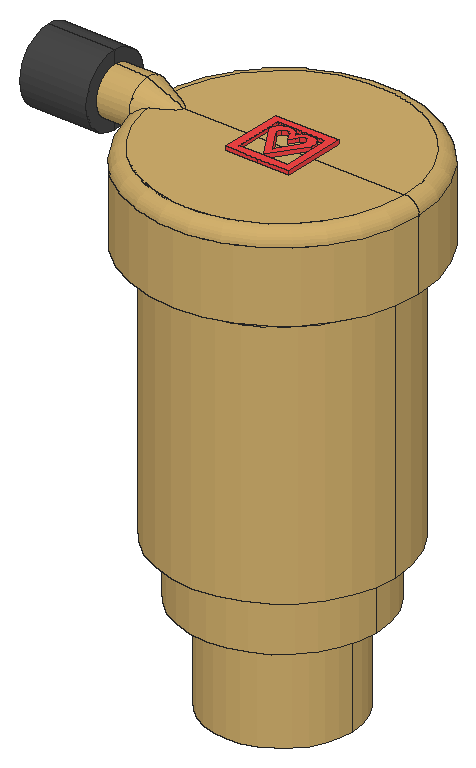
Revit family "Automatic air vents 2630 03", category Rohrzubehör, Revit 2019
Family settings
  Bemaßung runder Anschluss = Durchmesser verwenden
  Teiletyp = Normal
  OmniClass-Nummer = 23.65.55.14
  OmniClass-Titel = Valves for Liquid Services
  Arbeitsebenenbasiert = Nein
  Immer vertikal = Ja
  Beim Laden mit Abzugskörper schneiden = Nein
  Gemeinsam genutzt = Nein
Parameters
  URL = "www.herzvalves.com"
  Part number [instance] = if(Nennweite AG = 20.000 mm, 1263003, 0)  # 1263003
  Float ball = "polypropylene"  # constant formula
  SCRNSEQ = "AWI;AWI_TYP=\"1013\";1"
  SCRNCODE = "05;14;01"  # constant formula
  S04 = 11.000 mm  # constant formula
  S03 = 24.500 mm  # constant formula
  S02 = 12.500 mm  # constant formula
  S01 = 59.000 mm  # constant formula
  R01 = 2.000 mm  # constant formula
  Nennweite AG [instance] = 20.000 mm  # constant formula
  min. Operating temperature = 0 °C  # constant formula
  Medium = "heating water quality according to ÖNORM H5195 or VDI-Standard 2035.\r\nthe use of ethylene or propylene glycol in a mixing ratio 25-50% is allowed.\r\nplease refer to manufacturers documentation when using ethylene glycol products for frost and corrosion protection.\r\nthe HERZ air vent is not suitable for usage of aggressive medium (such as: acids, alkalis, combustible and explosive gases..) because it can damage the sealing components."
  max. Structual pressure = 1200000.0 Pa  # constant formula
  max. Operating temperature = 110 °C  # constant formula
  max. Operating pressure = 800000.0 Pa  # constant formula
  L04 = L00 - L01  # 24.000 mm
  L03 = 13.500 mm  # constant formula
  L02 = 4.800 mm  # constant formula
  L01 = 9.500 mm  # constant formula
  L00 = 33.500 mm  # constant formula
  Hersteller = "Herz-Armaturen GmbH"  # constant formula
  H08 = 8.000 mm  # constant formula
  H07 = 22.000 mm  # constant formula
  H06 = 14.000 mm  # constant formula
  H05 = 59.000 mm - 1.000 mm  # 58.000 mm
  H04 = H03 - D03  # 57.900 mm
  H03 = 63.000 mm  # constant formula
  H02 = 9.500 mm  # constant formula
  H01 = 12.000 mm  # constant formula
  H00 = 71.500 mm  # constant formula
  Housing = "forged brass acc. to EN 12165, CW617N "  # constant formula
  G2 [instance] = Nennweite AG / 2  # 10.000 mm
  G1 = 5.000 mm  # constant formula
  Sealing = "NBR"  # constant formula
  Lid = "forged brass acc. to EN 12165, CW617N "  # constant formula
  D06 = 13.500 mm  # constant formula
  D05 = 0.800 mm  # constant formula
  D04 = 3.400 mm  # constant formula
  D03 = 5.100 mm  # constant formula
  D02 = 19.500 mm  # constant formula
  D01 = 16.200 mm  # constant formula
  External threaded connectors = "acc. to ISO 228"  # constant formula
  Field of application = "HERZ - Air vent is used for venting of the central heating installations.\r\nthe air vent should be placed nearby the boiler or at the highest points of installation.\r\ninstallations must be carried out in such a way that the retention of air bubbles in a certain part of installation is not possible.\r\nbefore usage, unscrew the polypropylene cover cap on the lid for 2 to 3 turns.\r\nin case of uncontrolled medium leakage, tighten the cover cap.\r\nthe air vent must be cleaned or replaced.\r\nwe always recommend to use backflow preventer for easy service and replacement of the air vent."
  Adapter housing = "machined brass acc. to EN 12165, CW617N "  # constant formula
  Cover cap = "polypropylene, black colour"  # constant formula
Reference planes
  plane 1 "Mitte (Vorne/hinten)": y = 0
  plane 2: z = 0
  plane 3 "Mitte (Links/rechts)": x = 0
Forms (mm)
  Revolve 1, solid, material "Messing", detail levels fine
    sketch origin (0, 0, 0) x (1, 0, 0) y (0, 0, 1)
      loop
        line (0, -12.5) -> (0, 59) -> (-17.5, 59)
        arc (-17.5, 59) -> (-18.914, 58.414) -> (-19.5, 57) r 2
        line (-19.5, 57) -> (-19.5, 47) -> (-18.2, 47)
        arc (-18.2, 47) -> (-16.786, 46.414) -> (-16.2, 45) r 2
        line (-16.2, 45) -> (-16.2, 9.5) -> (-13.5, 9.5) -> (-13.5, 1.5) -> (-10, 1.5) -> (-10, -12.5) -> (0, -12.5)
      axis (0, 59) -> (0, -12.5)
    angle from 0 to 360
  Revolve 2, solid, material "Kunststoff - schwarz", detail levels fine
    sketch origin (0, 0, 0) x (1, 0, 0) y (0, 0, 1)
      loop
        line (-33.5, 57.9) -> (-24, 57.9) -> (-24, 63) -> (-33.5, 63) -> (-33.5, 57.9)
      axis (-33.5, 57.9) -> (-24, 57.9)
    angle from 0 to 360
  Revolve 3, solid, material "Messing", detail levels fine
    sketch origin (0, 0, 0) x (1, 0, 0) y (0, 0, 1)
      loop
        line (-24, 57.9) -> (0, 57.9) -> (0, 58.7) -> (-13.5, 58.7) -> (-19.2, 61.3) -> (-24, 61.3) -> (-24, 57.9)
      axis (-24, 57.9) -> (0, 57.9)
    angle from 0 to 360
Lines and regions (mm)
  model lines
    curve 1: line (0, 19.55, 0) -> (0, 0, 0)
  model lines, detail levels coarse+medium
    curve 2: line (0, 59, 0) -> (-11.455, 47.545, 0)
    curve 3: line (0, 59, 0) -> (11.455, 47.545, 0)
    curve 4: circle (0, 34.5, 0) r 11 normal (0, 0, 1)
    curve 5: line (0, 10, 0) -> (-11.455, 21.455, 0)
    curve 6: line (0, 10, 0) -> (11.455, 21.455, 0)
    curve 7: line (0, 59, 0) -> (0, 45.5, 0)
    curve 8: line (0, 23.5, 0) -> (0, -12.5, 0)
    curve 9: line (0, 0, 59) -> (-11.455, 0, 47.545)
    curve 10: line (0, 0, 59) -> (11.455, 0, 47.545)
    curve 11: circle (0, 0, 34.5) r 11 normal (0, -1, 0)
    curve 12: line (0, 0, 10) -> (-11.455, 0, 21.455)
    curve 13: line (0, 0, 10) -> (11.455, 0, 21.455)
    curve 14: line (0, 0, 59) -> (0, 0, 45.5)
    curve 15: line (0, 0, 23.5) -> (0, 0, -12.5)
    curve 16: line (0, 0, 59) -> (0, -11.455, 47.545)
    curve 17: line (0, 0, 59) -> (0, 11.455, 47.545)
    curve 18: circle (0, 0, 34.5) r 11 normal (1, 0, 0)
    curve 19: line (0, 0, 10) -> (0, -11.455, 21.455)
    curve 20: line (0, 0, 10) -> (0, 11.455, 21.455)
Dimensions and locks
  "D01": Revolve 1 sketch curve to Revolve 1 sketch curve
  "D02": Revolve 1 sketch curve to Revolve 1 sketch curve
  "H01": Revolve 1 sketch curve to Revolve 1 sketch curve
  "D03": Revolve 2 sketch curve to Revolve 2 sketch curve
  "L01": Revolve 2 sketch curve to Revolve 2 sketch curve
  "L00": Revolve 2 sketch curve to plane 3 "Mitte (Links/rechts)"
  "D04": Revolve 3 sketch curve to Revolve 3 sketch curve
  "L02": Revolve 3 sketch curve to Revolve 3 sketch curve
  "L03": Revolve 3 sketch curve to plane 3 "Mitte (Links/rechts)"
  "L04": Revolve 3 sketch curve to plane 3 "Mitte (Links/rechts)"
  "D05": Revolve 3 sketch curve to Revolve 3 sketch curve
  "H03": Revolve 2 sketch curve to plane 2
  "H04": Revolve 3 sketch curve to plane 2
  "H06": Revolve 1 sketch curve to Revolve 1 sketch curve
  "G2": Revolve 1 sketch curve to Revolve 1 sketch curve
  "H08": Revolve 1 sketch curve to Revolve 1 sketch curve
  "H00": Revolve 1 sketch curve to Revolve 1 sketch curve
  "S01": plane 1 "Mitte (Vorne/hinten)" to curve 7
  "S02": curve 8 to plane 1 "Mitte (Vorne/hinten)"
  "S03": curve 7 to curve 4 to curve 6
  "D01": curve 2 to curve 2
  "D01": curve 3 to curve 3
  "D01": curve 5 to curve 5
  "D01": curve 6 to curve 6
  "S01": curve 14 to plane 2
  "S02": plane 2 to curve 15
  "S03": curve 14 to curve 11 to curve 13
  "D01": curve 9 to curve 9
  "D01": curve 10 to curve 10
  "D01": curve 12 to curve 12
  "D01": curve 13 to curve 13
  "S01": curve 17 to plane 2
  "S03": curve 17 to curve 18 to curve 20
  "D01": curve 16 to curve 16
  "D01": curve 17 to curve 17
  "D01": curve 19 to curve 19
  "D01": curve 20 to curve 20
  "R01": radius of Revolve 1 sketch curve  (x2)
  "S04": radius of curve 4
  "S04": radius of curve 11
  "S04": radius of curve 18
  angle curve 2 to curve 7 = 45.00°
  angle curve 7 to curve 3 = 45.00°
  angle curve 8 to curve 5 = 45.00°
  angle curve 6 to curve 8 = 45.00°
  angle curve 9 to curve 14 = 45.00°
  angle curve 14 to curve 10 = 45.00°
  angle curve 15 to curve 12 = 45.00°
  angle curve 13 to curve 15 = 45.00°
  angle curve 16 to plane 1 "Mitte (Vorne/hinten)" = 45.00°
  angle plane 1 "Mitte (Vorne/hinten)" to curve 17 = 45.00°
  angle plane 1 "Mitte (Vorne/hinten)" to curve 19 = 45.00°
  angle curve 20 to plane 1 "Mitte (Vorne/hinten)" = 45.00°
  aligned and locked: level to plane 2
Automatic sketch dimensions
  curve 20 to plane 1 "Mitte (Vorne/hinten)" = 0.000 mm
  curve 18 to plane 1 "Mitte (Vorne/hinten)" = 0.000 mm
  curve 17 to plane 1 "Mitte (Vorne/hinten)" = 0.000 mm
  curve 10 to plane 3 "Mitte (Links/rechts)" = 0.000 mm
  curve 15 to plane 3 "Mitte (Links/rechts)" = 0.000 mm
  curve 11 to plane 3 "Mitte (Links/rechts)" = 0.000 mm
  curve 12 to plane 3 "Mitte (Links/rechts)" = 0.000 mm
  curve 2 to plane 3 "Mitte (Links/rechts)" = 0.000 mm
  plane 1 "Mitte (Vorne/hinten)" to curve 1 = 0.000 mm
  curve 1 to plane 3 "Mitte (Links/rechts)" = 0.000 mm
  curve 8 to plane 3 "Mitte (Links/rechts)" = 0.000 mm
  curve 4 to plane 3 "Mitte (Links/rechts)" = 0.000 mm
  curve 5 to plane 3 "Mitte (Links/rechts)" = 0.000 mm
  curve 1 to curve 8 = 3.950 mm
  Revolve 1 sketch curve to plane 3 "Mitte (Links/rechts)" = 0.000 mm  (x2)
  level to Revolve 1 sketch curve = 1.500 mm
  Revolve 1 sketch curve to Revolve 1 sketch curve = 3.500 mm
  Revolve 1 sketch curve to Revolve 1 sketch curve = 1987.500 mm
  Revolve 1 sketch curve to Revolve 1 sketch curve = 1937.000 mm
  Revolve 2 sketch curve to Revolve 2 sketch curve = 0.000 mm  (x3)
  Revolve 3 sketch curve to plane 3 "Mitte (Links/rechts)" = 0.000 mm
  Revolve 3 sketch curve to Revolve 3 sketch curve = 0.212 mm
  Revolve 3 sketch curve to plane 3 "Mitte (Links/rechts)" = 0.539 mm
  Revolve 3 sketch curve to Revolve 3 sketch curve = 0.000 mm
Nested families
  nested 1: "Herz-Logo" at (0, 0, 58), type "Herz-Logo", detail levels fine
Connectors
  piping at (0, 0, -12.5), diameter 20, driven by "Nennweite AG"
    settings: on Revolve 1, index 1, connector inside diameter 609.6 mm, connector length 0.000 mm, flow factor 0, pipe flow 0.0 L/s, pressure drop 0.0 Pa, fitting loss kfactor 0, connector angle 0.00°, fixture units 0, engagement length 0.000 mm, angle of deflection 0.00°, flow configuration 0, flow direction 1, fitting loss method 0, system type 29, joint type 0, gender type 0, connector reference index -1, connector utility 0, adjustable connector no, is connector primary yes, connector description ""
Definition of nested family "Herz-Logo"
  Reference planes
    plane 1 "Mitte (Vorne/hinten)": y = 0
    plane 2: z = 0
    plane 3 "Mitte (Links/rechts)": x = 0
  Forms (mm)
    Extrusion 1, solid
      sketch origin (0, 0, 0) x (1, 0, 0) y (0, 1, 0)
        loop
          line (-0.018, -4.517) -> (4.482, -4.517) -> (4.482, 4.483) -> (-4.518, 4.483) -> (-4.518, -4.517) -> (-0.018, -4.517)
        loop
          line (-0.05, -3.48) -> (3.482, -3.48) -> (3.482, 3.483) -> (-3.518, 3.483) -> (-3.518, -3.48) -> (-0.05, -3.48)
        loop
          arc (-0.018, 2.383) -> (-1.543, 3.287) -> (-3.067, 2.383) r 1.738
          arc (-3.067, 2.383) -> (-3.191, 1.899) -> (-3.067, 1.415) r 1.009
          line (-3.067, 1.415) -> (-0.018, -3.281) -> (3.032, 1.415)
          arc (3.032, 1.415) -> (3.156, 1.899) -> (3.032, 2.383) r 1.009
          arc (3.032, 2.383) -> (1.507, 3.287) -> (-0.018, 2.383) r 1.738
        loop
          arc (1.885, 1.272) -> (2.005, 1.675) -> (1.885, 2.079) r 0.74
          arc (1.885, 2.079) -> (1.265, 2.416) -> (0.644, 2.079) r 0.74
          line (0.644, 2.079) -> (-0.018, 0.97) -> (-0.679, 2.079)
          arc (-0.679, 2.079) -> (-1.3, 2.416) -> (-1.921, 2.079) r 0.74
          arc (-1.921, 2.079) -> (-2.04, 1.675) -> (-1.921, 1.272) r 0.74
          line (-1.921, 1.272) -> (-0.018, -1.658) -> (1.885, 1.272)
      from 0 to 1.5
  Dimensions and locks
    aligned and locked: level to plane 2
